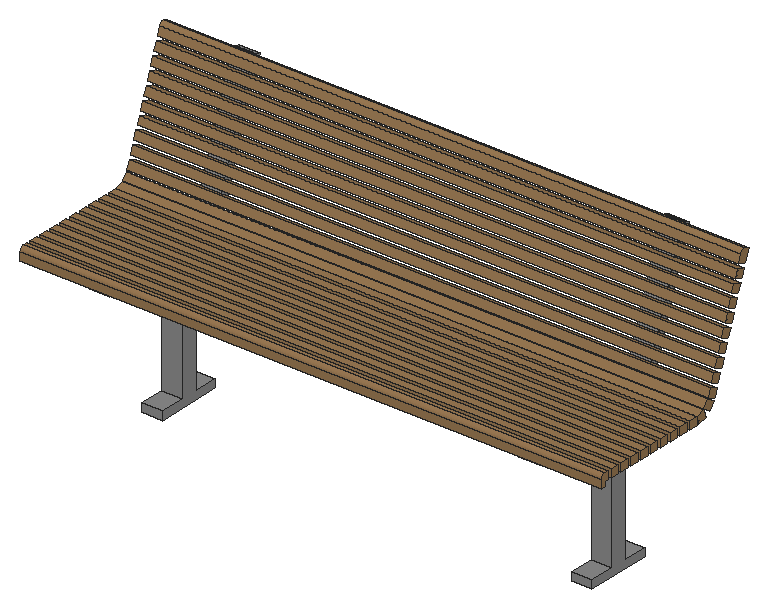
Revit family
Parameters (values of type "1800mm")
  좌석 재료 = 목재 - 티크
  길이 = 1800 mm
  프레임 재료 = 금속 - 페인트 마감 - 진회색, 무광
Types (3, lengths in mm): name | 길이
  (no name) | 1800
  1800mm | 1800
  2400mm | 2400
Reference planes
  plane 1 "중심(앞/뒤)": y = 0
  plane 2: z = 0
  plane 3 "중심(왼쪽/오른쪽)": x = 0
  plane 4: x = -900
  plane 5: x = 900
  plane 6: y = 304.8
  plane 7: y = -304.8
  plane 8: z = 457.2
  plane 9: z = 914.4
  plane 10: x = 696.8
  plane 11: x = -696.8
Forms (mm)
  Extrusion 1, solid, material "금속 - 페인트 마감 - 진회색, 무광" <- "프레임 재료"
    sketch origin (0, 0, 0) x (0, 1, 0) y (0, 0, 1)
      loop
        line (-101.6, 0) -> (101.6, 0) -> (101.6, 25.4) -> (25.4, 25.4) -> (25.4, 431.8) -> (57.137, 431.8)
        arc (57.137, 431.8) -> (108.128, 447.877) -> (140.675, 490.294) r 88.9
        line (140.675, 490.294) -> (273.152, 854.272) -> (261.218, 858.616)
        arc (261.218, 858.616) -> (251.507, 858.192) -> (244.941, 851.025) r 12.7
        line (244.941, 851.025) -> (116.807, 498.982)
        arc (116.807, 498.982) -> (93.559, 468.684) -> (57.137, 457.2) r 63.5
        line (57.137, 457.2) -> (-304.8, 457.2) -> (-304.8, 431.8) -> (-25.4, 431.8) -> (-25.4, 25.4) -> (-101.6, 25.4) -> (-101.6, 0)
    from -696.8 to -632.908
  Extrusion 2, solid, material "금속 - 페인트 마감 - 진회색, 무광" <- "프레임 재료"
    sketch origin (-4.401, 0, 0) x (0, 1, 0) y (0, 0, 1)
      loop
        line (-101.6, 0) -> (101.6, 0) -> (101.6, 25.4) -> (25.4, 25.4) -> (25.4, 431.8) -> (57.137, 431.8)
        arc (57.137, 431.8) -> (108.128, 447.877) -> (140.675, 490.294) r 88.9
        line (140.675, 490.294) -> (273.152, 854.272) -> (261.218, 858.616)
        arc (261.218, 858.616) -> (251.507, 858.192) -> (244.941, 851.025) r 12.7
        line (244.941, 851.025) -> (116.807, 498.982)
        arc (116.807, 498.982) -> (93.559, 468.684) -> (57.137, 457.2) r 63.5
        line (57.137, 457.2) -> (-304.8, 457.2) -> (-304.8, 431.8) -> (-25.4, 431.8) -> (-25.4, 25.4) -> (-101.6, 25.4) -> (-101.6, 0)
    from 638.374 to 701.201
  Extrusion 3, solid, material "목재 - 티크" <- "좌석 재료"
    sketch origin (0, 0, 0) x (0, 1, 0) y (0, 0, 1)
      loop
        line (-255.434, 457.2) -> (-255.434, 482.6) -> (-280.834, 482.6) -> (-280.834, 457.2) -> (-255.434, 457.2)
      loop
        line (-217.334, 457.2) -> (-217.334, 482.6) -> (-242.734, 482.6) -> (-242.734, 457.2) -> (-217.334, 457.2)
      loop
        line (-179.234, 457.2) -> (-179.234, 482.6) -> (-204.634, 482.6) -> (-204.634, 457.2) -> (-179.234, 457.2)
      loop
        line (-141.134, 457.2) -> (-141.134, 482.6) -> (-166.534, 482.6) -> (-166.534, 457.2) -> (-141.134, 457.2)
      loop
        line (-103.034, 457.2) -> (-103.034, 482.6) -> (-128.434, 482.6) -> (-128.434, 457.2) -> (-103.034, 457.2)
      loop
        line (-64.934, 457.2) -> (-64.934, 482.6) -> (-90.334, 482.6) -> (-90.334, 457.2) -> (-64.934, 457.2)
      loop
        line (-26.834, 457.2) -> (-26.834, 482.6) -> (-52.234, 482.6) -> (-52.234, 457.2) -> (-26.834, 457.2)
      loop
        line (11.266, 457.2) -> (11.266, 482.6) -> (-14.134, 482.6) -> (-14.134, 457.2) -> (11.266, 457.2)
      loop
        line (49.366, 457.2) -> (49.366, 482.6) -> (23.966, 482.6) -> (23.966, 457.2) -> (49.366, 457.2)
      loop
        line (-293.534, 457.2) -> (-293.534, 482.6) -> (-304.646, 482.6)
        arc (-304.646, 482.6) -> (-314.749, 478.415) -> (-318.934, 468.313) r 14.288
        line (-318.934, 468.313) -> (-318.934, 444.5) -> (-304.8, 444.5) -> (-304.8, 457.2) -> (-293.534, 457.2)
      loop
        line (145.142, 576.831) -> (153.829, 600.699) -> (129.961, 609.386) -> (121.274, 585.518) -> (145.142, 576.831)
      loop
        line (158.173, 612.633) -> (166.86, 636.501) -> (142.992, 645.189) -> (134.305, 621.32) -> (158.173, 612.633)
      loop
        line (119.08, 505.226) -> (127.767, 529.094) -> (103.899, 537.782) -> (95.212, 513.914) -> (119.08, 505.226)
      loop
        line (132.111, 541.029) -> (140.798, 564.897) -> (116.93, 573.584) -> (108.243, 549.716) -> (132.111, 541.029)
      loop
        line (197.266, 720.04) -> (205.953, 743.908) -> (182.085, 752.595) -> (173.398, 728.727) -> (197.266, 720.04)
      loop
        line (210.297, 755.842) -> (218.984, 779.71) -> (195.116, 788.398) -> (186.429, 764.53) -> (210.297, 755.842)
      loop
        line (171.204, 648.435) -> (179.891, 672.304) -> (156.023, 680.991) -> (147.336, 657.123) -> (171.204, 648.435)
      loop
        line (184.235, 684.238) -> (192.922, 708.106) -> (169.054, 716.793) -> (160.367, 692.925) -> (184.235, 684.238)
      loop
        line (223.328, 791.645) -> (232.015, 815.513) -> (208.147, 824.2) -> (199.46, 800.332) -> (223.328, 791.645)
      loop
        line (236.359, 827.447) -> (249.39, 863.249) -> (237.456, 867.593)
        arc (237.456, 867.593) -> (227.745, 867.169) -> (221.178, 860.002) r 12.7
        line (221.178, 860.002) -> (212.491, 836.134) -> (236.359, 827.447)
      loop
        line (99.592, 476.158) -> (114.161, 496.964) -> (93.354, 511.533) -> (78.786, 490.727) -> (99.592, 476.158)
      loop
        line (59.082, 457.23) -> (83.616, 463.804) -> (77.042, 488.338) -> (52.508, 481.764) -> (59.082, 457.23)
    from -900 to 900
Lines and regions (mm)
  symbolic lines, style "대지 액세서리"
    curve 1: line (-900, -304.646, 0) -> (900, -304.646, 0)
    curve 2: line (-900, 304.8, 0) -> (-900, -304.646, 0)
    curve 3: line (900, 304.8, 0) -> (-900, 304.8, 0)
    curve 4: line (900, -304.646, 0) -> (900, 304.8, 0)
    curve 5: line (-900, 153.829, 0) -> (900, 153.829, 0)
Dimensions and locks
  equal spacing: plane 4, plane 3 "중심(왼쪽/오른쪽)", plane 5
  "길이": plane 4 to plane 5
  equal spacing: plane 7, plane 1 "중심(앞/뒤)", plane 6
  plane 7 to plane 6 = 609.6 mm
  locked: plane 4 to plane 11 at 203.2
  locked: plane 10 to plane 5 at 203.2
  locked: Extrusion 2 to plane 10 at 62.826
  locked: plane 11 to Extrusion 1 at 63.892
  aligned and locked: Extrusion 2 to plane 10
  aligned and locked: plane 11 to Extrusion 1
  aligned and locked: Extrusion 3 to plane 5
  aligned and locked: plane 4 to Extrusion 3
Automatic sketch dimensions
  Extrusion 1 sketch curve to plane 7 = 0 mm
  Extrusion 1 sketch curve to level = 0 mm
  Extrusion 1 sketch curve to plane 8 = 0 mm
  level to Extrusion 1 sketch curve = 25.4 mm  (x2)
  plane 1 "중심(앞/뒤)" to Extrusion 1 sketch curve = 101.6 mm
  plane 1 "중심(앞/뒤)" to Extrusion 1 sketch curve = 25.4 mm
  Extrusion 1 sketch curve to plane 1 "중심(앞/뒤)" = 25.4 mm
  Extrusion 1 sketch curve to Extrusion 1 sketch curve = 0 mm
  Extrusion 1 sketch curve to Extrusion 1 sketch curve = 76.2 mm
  Extrusion 1 sketch curve to plane 8 = 41.782 mm
  Extrusion 1 sketch curve to Extrusion 1 sketch curve = 59.67 mm
  Extrusion 1 sketch curve to Extrusion 1 sketch curve = 23.868 mm
  plane 6 to Extrusion 1 sketch curve = 59.859 mm
  Extrusion 1 sketch curve to Extrusion 1 sketch curve = 11.934 mm  (x2)
  Extrusion 1 sketch curve to Extrusion 1 sketch curve = 4.344 mm  (x2)
  plane 8 to Extrusion 1 sketch curve = 25.4 mm  (x2)
  Extrusion 1 sketch curve to Extrusion 1 sketch curve = 8.687 mm
  plane 9 to Extrusion 1 sketch curve = 67.718 mm
  Extrusion 1 sketch curve to Extrusion 1 sketch curve = 31.737 mm
  Extrusion 2 sketch curve to Extrusion 2 sketch curve = 0 mm
  Extrusion 2 sketch curve to Extrusion 2 sketch curve = 76.2 mm
  Extrusion 2 sketch curve to Extrusion 2 sketch curve = 59.67 mm
  Extrusion 2 sketch curve to Extrusion 2 sketch curve = 23.868 mm
  Extrusion 2 sketch curve to Extrusion 2 sketch curve = 11.934 mm  (x2)
  Extrusion 2 sketch curve to Extrusion 2 sketch curve = 4.344 mm  (x2)
  Extrusion 2 sketch curve to Extrusion 2 sketch curve = 8.687 mm
  Extrusion 2 sketch curve to Extrusion 2 sketch curve = 31.737 mm
  Extrusion 2 sketch curve to plane 7 = 0 mm
  Extrusion 2 sketch curve to level = 0 mm
  Extrusion 2 sketch curve to plane 8 = 0 mm
  level to Extrusion 2 sketch curve = 25.4 mm  (x2)
  plane 1 "중심(앞/뒤)" to Extrusion 2 sketch curve = 101.6 mm
  plane 1 "중심(앞/뒤)" to Extrusion 2 sketch curve = 25.4 mm
  Extrusion 2 sketch curve to plane 1 "중심(앞/뒤)" = 25.4 mm
  plane 6 to Extrusion 2 sketch curve = 59.859 mm
  plane 8 to Extrusion 2 sketch curve = 25.4 mm  (x2)
  Extrusion 2 sketch curve to Extrusion 2 sketch curve = 33.094 mm
  plane 9 to Extrusion 2 sketch curve = 67.718 mm
  Extrusion 3 sketch curve to plane 7 = 0 mm
  Extrusion 3 sketch curve to plane 8 = 0 mm  (x10)
  plane 7 to Extrusion 3 sketch curve = 14.134 mm
  Extrusion 3 sketch curve to plane 7 = 0.154 mm
  Extrusion 3 sketch curve to plane 7 = 11.266 mm
  Extrusion 3 sketch curve to Extrusion 3 sketch curve = 12.7 mm  (x9)
  Extrusion 3 sketch curve to Extrusion 3 sketch curve = 25.4 mm  (x13)
  Extrusion 3 sketch curve to plane 1 "중심(앞/뒤)" = 11.266 mm
  Extrusion 3 sketch curve to plane 8 = 24.564 mm
  Extrusion 3 sketch curve to Extrusion 3 sketch curve = 3.141 mm
  Extrusion 3 sketch curve to plane 8 = 0.03 mm
  Extrusion 3 sketch curve to Extrusion 3 sketch curve = 9.715 mm
  Extrusion 3 sketch curve to plane 8 = 31.138 mm
  Extrusion 3 sketch curve to plane 8 = 33.527 mm
  Extrusion 3 sketch curve to Extrusion 3 sketch curve = 1.743 mm
  Extrusion 3 sketch curve to plane 8 = 54.333 mm
  Extrusion 3 sketch curve to Extrusion 3 sketch curve = 14.569 mm
  Extrusion 3 sketch curve to Extrusion 3 sketch curve = 1.858 mm
  Extrusion 3 sketch curve to plane 8 = 18.958 mm
  Extrusion 3 sketch curve to Extrusion 3 sketch curve = 8.687 mm  (x10)
  Extrusion 3 sketch curve to Extrusion 3 sketch curve = 4.344 mm  (x19)
  Extrusion 3 sketch curve to plane 8 = 48.026 mm
  Extrusion 3 sketch curve to Extrusion 3 sketch curve = 4.919 mm
  Extrusion 3 sketch curve to Extrusion 3 sketch curve = 11.934 mm  (x19)
  plane 9 to Extrusion 3 sketch curve = 46.807 mm
  plane 8 to Extrusion 3 sketch curve = 12.7 mm
  Extrusion 3 sketch curve to plane 8 = 11.113 mm
  Extrusion 3 sketch curve to Extrusion 3 sketch curve = 0 mm  (x4)
  Extrusion 3 sketch curve to Extrusion 3 sketch curve = 2.38 mm
  curve 5 to plane 4 = 0 mm
  curve 5 to plane 5 = 0 mm
  curve 4 to plane 6 = 0 mm
  curve 5 to curve 2 = 150.971 mm
  curve 1 to plane 7 = 0.154 mm
